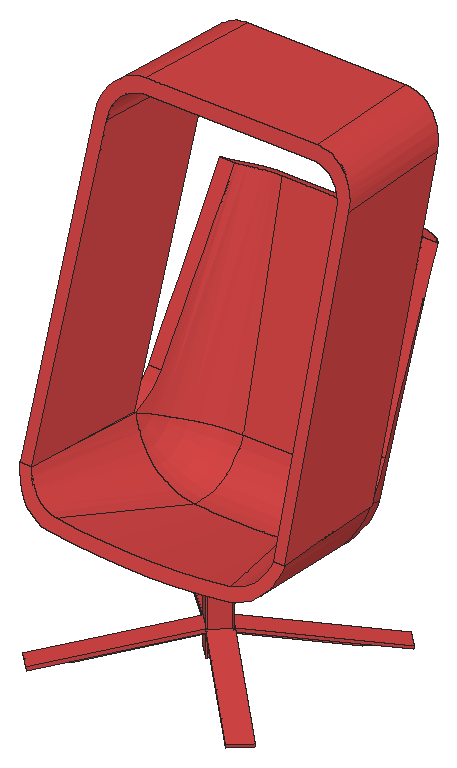
Revit family "Haworth_Windowseat_Chair", category Furniture, Revit 2018
Family settings
  OmniClass Number = 23.40.20.00
  OmniClass Title = General Furniture and Specialties
  Work Plane-Based = No
  Always vertical = Yes
  Cut with Voids When Loaded = No
  Shared = No
  Room Calculation Point = No
Parameters (values of type "HCCL-WIND - With Canopy")
  Warranty = "http://www.haworth.com/resources/product-info/warranties"
  Upholstery Finish [instance] = Haworth _ Fabric _ Divina _ Poppy
  URL - Product = "http://www.haworth.com/products/Seating/Lounge-Chairs/windowseat"
  URL = "http://www.haworth.com/our-brands/haworth-collection"
  Revision = "4"  # constant formula
  Model = "HCCL-WIND"
  Manufacturer = "Haworth"  # constant formula
  Description = "Haworth Windowseat Chair"  # constant formula
  Canopy = yes
  Base Finish [instance] = Haworth _ Paint _ Accent Red
  Author = "Haworth (Hampton)"  # constant formula
  Assembly Code = "E2020200"
Types (3): name | Model | Canopy
  (no name) | "HCCL-WIND" | yes
  HCCL-WIND - With Canopy | "HCCL-WIND" | yes
  HCCL-WIND - Without Canopy | "HCCL-WIND-L" | no
Reference planes (in)
  plane 1 "Center Front/Back": y = 0
  plane 2: z = 0
  plane 3 "Center Left/Right": x = 0
  plane 4 "Leg Wide Back": through (12.88063, -11.11315, 48) normal (0.7071, 0.7071, 0)
  plane 5 "Leg Narrow Back": through (11.10278, -10.92629, 48) normal (0.7071, 0.7071, 0)
  plane 6 "Leg Wide Front": through (11.11315, -12.88063, 48) normal (0.7071, 0.7071, 0)
  plane 7 "Leg Narrow Front": through (10.92629, -11.10278, 48) normal (0.7071, 0.7071, 0)
  plane 8 "Base Bottom": z = 0.25
  plane 9 "Base Top": z = 10.14039
  plane 10 "Base Cylinder Top": z = 11.64039
  plane 11 "Sweep 1": through (480, 2.58938, 10.3411) normal (0, -0.9842, 0.1768)
  plane 12 "Sweep 2": through (480, 11.08358, 15.20868) normal (0, -0.3451, -0.9386)
  plane 13 "Back Angel": through (480, 9.81607, 15.7458) normal (0, -0.9386, 0.3451)
  plane 14 "Void Left": x = -17.13237
  plane 15 "Void Right": x = 17.13237
Forms (in)
  Extrusion 1, solid, material "Haworth _ Paint _ Accent Red" <- "Base Finish"
    sketch origin (-0.08824, -0.08824, 0) x (-0.707107, 0.707107, 0) y (0, 0, -1)
      loop
        line (-16.90114, -0.00052) -> (-16.96635, -0.37034) -> (-1.25026, -3.14151) -> (-1.25026, -2.76019) -> (-16.90114, -0.00052)
    from -1.37459 to 1.125
  Extrusion 2, solid, material "Haworth _ Paint _ Accent Red" <- "Base Finish"
    sketch origin (-0.88374, -0.88374, 0) x (-0.707107, 0.707107, 0) y (0, 0, -1)
      loop
        line (-16.54636, 0) -> (-16.54636, -0.06308) -> (-1.25026, -2.76019) -> (-1.25026, -1.99862) -> (-12.58502, 0) -> (-16.54636, 0)
    from -1.37459 to -1.125
  Extrusion 3, solid, material "Haworth _ Paint _ Accent Red" <- "Base Finish"
    sketch origin (-0.08824, 0.08824, 0) x (0.707107, 0.707107, 0) y (0, 0, -1)
      loop
        line (-16.90114, -0.00052) -> (-16.96635, -0.37034) -> (-1.25026, -3.14151) -> (-1.25026, -2.76019) -> (-16.90114, -0.00052)
    from -1.37459 to 1.125
  Extrusion 4, solid, material "Haworth _ Paint _ Accent Red" <- "Base Finish"
    sketch origin (-0.88374, 0.88374, 0) x (0.707107, 0.707107, 0) y (0, 0, -1)
      loop
        line (-16.54636, 0) -> (-16.54636, -0.06308) -> (-1.25026, -2.76019) -> (-1.25026, -1.99862) -> (-12.58502, 0) -> (-16.54636, 0)
    from -1.37459 to -1.125
  Extrusion 5, solid, material "Haworth _ Paint _ Accent Red" <- "Base Finish"
    sketch origin (0.08824, -0.08824, 0) x (-0.707107, -0.707107, 0) y (0, 0, -1)
      loop
        line (-16.90114, -0.00052) -> (-16.96635, -0.37034) -> (-1.25026, -3.14151) -> (-1.25026, -2.76019) -> (-16.90114, -0.00052)
    from -1.37459 to 1.125
  Extrusion 6, solid, material "Haworth _ Paint _ Accent Red" <- "Base Finish"
    sketch origin (0.88374, -0.88374, 0) x (-0.707107, -0.707107, 0) y (0, 0, -1)
      loop
        line (-16.54636, 0) -> (-16.54636, -0.06308) -> (-1.25026, -2.76019) -> (-1.25026, -1.99862) -> (-12.58502, 0) -> (-16.54636, 0)
    from -1.37459 to -1.125
  Extrusion 7, solid, material "Haworth _ Paint _ Accent Red" <- "Base Finish"
    sketch origin (0.08824, 0.08824, 0) x (0.707107, -0.707107, 0) y (0, 0, -1)
      loop
        line (-16.90114, -0.00052) -> (-16.96635, -0.37034) -> (-1.25026, -3.14151) -> (-1.25026, -2.76019) -> (-16.90114, -0.00052)
    from -1.37459 to 1.125
  Extrusion 8, solid, material "Haworth _ Paint _ Accent Red" <- "Base Finish"
    sketch origin (0.88374, 0.88374, 0) x (0.707107, -0.707107, 0) y (0, 0, -1)
      loop
        line (-16.54636, 0) -> (-16.54636, -0.06308) -> (-1.25026, -2.76019) -> (-1.25026, -1.99862) -> (-12.58502, 0) -> (-16.54636, 0)
    from -1.37459 to -1.125
  Extrusion 9, solid, material "Haworth _ Paint _ Accent Red" <- "Base Finish"
    sketch origin (0, 0, 0.25) x (-0.707107, 0.707107, 0) y (-0.707107, -0.707107, 0)
      loop
        arc (1.06276, -1.2498) -> (1.19535, -1.19488) -> (1.25026, -1.0623) r 0.1875
        line (1.25026, -1.0623) -> (1.25026, 1.06276)
        arc (1.25026, 1.06276) -> (1.19535, 1.19535) -> (1.06276, 1.25026) r 0.1875
        line (1.06276, 1.25026) -> (-1.0623, 1.25026)
        arc (-1.0623, 1.25026) -> (-1.19488, 1.19535) -> (-1.2498, 1.06276) r 0.1875
        line (-1.2498, 1.06276) -> (-1.2498, -1.0623)
        arc (-1.2498, -1.0623) -> (-1.19488, -1.19488) -> (-1.0623, -1.2498) r 0.1875
        line (-1.0623, -1.2498) -> (1.06276, -1.2498)
    from 0 to 9.89039
  Blend 10, solid, material "Haworth _ Paint _ Accent Red" <- "Base Finish"
    base sketch origin (0, 0, 10.14039) x (-0.707107, 0.707107, 0) y (-0.707107, -0.707107, 0)
      loop
        circle (0, 0) r 2
    top sketch origin (0, 0, 10.14039) x (-0.707107, 0.707107, 0) y (-0.707107, -0.707107, 0)
      loop
        circle (0, 0) r 1.875
    from 0 to 1.5
  SweptBlend 11, solid, material "Haworth _ Fabric _ Divina _ Poppy" <- "Upholstery Finish"
    path origin (0, 0, 0) x (0, 1, 0) y (0, 0, 1)
      loop
        line (-11.42358, 12.96211) -> (2.60737, 10.44126)
    profile origin (0, -11.42358, 12.96211) x (0, 0.176832, 0.984241) y (1, 0, 0)
      loop
        arc (4.95742, 14.88644) -> (2.00215, 13.18435) -> (0.60329, 10.07406) r 5.5413
        arc (0.60329, 10.07406) -> (0.04942, 0) -> (0.60329, -10.07406) r 91.89429
        arc (0.60329, -10.07406) -> (2.00215, -13.18435) -> (4.95742, -14.88644) r 5.5413
        line (4.95742, -14.88644) -> (4.95742, -13.59987)
        arc (4.95742, -13.59987) -> (2.8407, -12.24493) -> (1.84575, -9.93703) r 4.2913
        arc (1.84575, -9.93703) -> (1.29942, 0) -> (1.84575, 9.93703) r 90.64429
        arc (1.84575, 9.93703) -> (2.8407, 12.24493) -> (4.95742, 13.59987) r 4.2913
        line (4.95742, 13.59987) -> (4.95742, 14.88644)
    end profile origin (0, 2.60737, 10.44126) x (0, 0.176832, 0.984241) y (1, 0, 0)
      loop
        arc (0.0768, 5.07507) -> (-0.11722, 0) -> (0.0768, -5.07507) r 66.47196
        arc (0.0768, -5.07507) -> (2.37551, -10.64092) -> (7.51353, -13.78153) r 9.71124
        line (7.51353, -13.78153) -> (7.51353, -12.36156)
        arc (7.51353, -12.36156) -> (3.31557, -9.62194) -> (1.44778, -4.97009) r 8.33624
        arc (1.44778, -4.97009) -> (1.25778, 0) -> (1.44778, 4.97009) r 65.09696
        arc (1.44778, 4.97009) -> (3.31557, 9.62194) -> (7.51353, 12.36156) r 8.33624
        line (7.51353, 12.36156) -> (7.51353, 13.78153)
        arc (7.51353, 13.78153) -> (2.37551, 10.64092) -> (0.0768, 5.07507) r 9.71124
  Revolve 12, solid, material "Haworth _ Fabric _ Divina _ Poppy" <- "Upholstery Finish"
    sketch origin (0, 0.70859, -0.12731) x (0, -0.176832, -0.984241) y (1, 0, 0)
      loop
        line (-18.25132, 13.78153) -> (-18.25132, 12.36156)
        arc (-18.25132, 12.36156) -> (-14.05336, 9.62194) -> (-12.18557, 4.97009) r 8.33624
        arc (-12.18557, 4.97009) -> (-11.99556, 0) -> (-12.18557, -4.97009) r 65.09696
        arc (-12.18557, -4.97009) -> (-14.05336, -9.62194) -> (-18.25132, -12.36156) r 8.33624
        line (-18.25132, -12.36156) -> (-18.25132, -13.78153)
        arc (-18.25132, -13.78153) -> (-13.11329, -10.64092) -> (-10.81459, -5.07507) r 9.71124
        arc (-10.81459, -5.07507) -> (-10.62056, 0) -> (-10.81459, 5.07507) r 66.47196
        arc (-10.81459, 5.07507) -> (-13.11329, 10.64092) -> (-18.25132, 13.78153) r 9.71124
      axis (-18.25132, -13.78153) -> (-18.25132, 13.78153)
    angle from 0 to 80
  SweptBlend 13, solid, material "Haworth _ Fabric _ Divina _ Poppy" <- "Upholstery Finish"
    path origin (0, 3.54783, -1.30431) x (0, -0.345057, -0.938582) y (1, 0, 0)
      loop
        line (-18.09906, 0) -> (-41.36289, 0)
    profile origin (0, 9.79303, 15.68313) x (-1, 0, 0) y (0, -0.938582, 0.345057)
      loop
        arc (4.97009, 0.17455) -> (0, -0.01546) -> (-4.97009, 0.17455) r 65.09696
        arc (-4.97009, 0.17455) -> (-9.62194, 2.04234) -> (-12.36156, 6.24029) r 8.33624
        line (-12.36156, 6.24029) -> (-13.78153, 6.24029)
        arc (-13.78153, 6.24029) -> (-10.64092, 1.10227) -> (-5.07507, -1.19644) r 9.71124
        arc (-5.07507, -1.19644) -> (0, -1.39046) -> (5.07507, -1.19644) r 66.47196
        arc (5.07507, -1.19644) -> (10.64092, 1.10227) -> (13.78153, 6.24029) r 9.71124
        line (13.78153, 6.24029) -> (12.36156, 6.24029)
        arc (12.36156, 6.24029) -> (9.62194, 2.04234) -> (4.97009, 0.17455) r 8.33624
    end profile origin (0, 17.82037, 37.51814) x (-1, 0, 0) y (0, -0.938582, 0.345057)
      loop
        line (12.129, 2.65978) -> (10.80572, 3.01435)
        arc (10.80572, 3.01435) -> (8.87672, 1.56575) -> (6.53659, 0.97986) r 6.08941
        arc (6.53659, 0.97986) -> (0, 0.82974) -> (-6.53659, 0.97986) r 142.383
        arc (-6.53659, 0.97986) -> (-8.87672, 1.56575) -> (-10.80572, 3.01435) r 6.08941
        line (-10.80572, 3.01435) -> (-12.129, 2.65978)
        arc (-12.129, 2.65978) -> (-9.6895, 0.57554) -> (-6.59398, -0.26882) r 7.33941
        arc (-6.59398, -0.26882) -> (0, -0.42026) -> (6.59398, -0.26882) r 143.633
        arc (6.59398, -0.26882) -> (9.6895, 0.57554) -> (12.129, 2.65978) r 7.33941
  Extrusion 14, void
    sketch origin (-17.13237, 0, 0) x (0, 0, 1) y (0, -1, 0)
      loop
        arc (12.92055, 11.43241) -> (15.33949, 10.19677) -> (17.84091, 9.13801) r 37.80361
        line (17.84091, 9.13801) -> (19.33521, 9.26875) -> (19.33521, 12.01875) -> (12.83521, 12.01875) -> (12.92055, 11.43241)
    from 0 to 34.26474
  Extrusion 15, void
    sketch origin (-17.13237, 0, 0) x (0, 0, 1) y (0, -1, 0)
      loop
        arc (17.83639, -3.936) -> (19.29903, -5.54537) -> (21.11299, -6.7449) r 8.76127
        line (21.11299, -6.7449) -> (38.43592, -15.32395) -> (39.67336, -14.08651) -> (17.83639, -3.936)
    from 0 to 34.26474
  SweptBlend 16, solid, material "Haworth _ Fabric _ Divina _ Poppy" <- "Upholstery Finish", visible <- "Canopy"
    path origin (0, 0, 10.14039) x (-1, 0, 0) y (0, -1, 0)
      loop
        line (0, 9.98407) -> (0, -15.01593)
    profile origin (0, -9.98407, 10.14039) x (-1, 0, 0) y (0, 0, 1)
      loop
        line (-13.47941, 7.70053) -> (-13.47941, 38.32887)
        arc (-13.47941, 38.32887) -> (-12.5275, 40.62697) -> (-10.22941, 41.57887) r 3.25
        line (-10.22941, 41.57887) -> (10.22941, 41.57887)
        arc (10.22941, 41.57887) -> (12.5275, 40.62697) -> (13.47941, 38.32887) r 3.25
        line (13.47941, 38.32887) -> (13.47941, 7.70053) -> (14.77895, 7.70053) -> (14.77895, 38.48461)
        arc (14.77895, 38.48461) -> (13.46093, 41.6666) -> (10.27895, 42.98461) r 4.5
        line (10.27895, 42.98461) -> (-10.27895, 42.98461)
        arc (-10.27895, 42.98461) -> (-13.46093, 41.6666) -> (-14.77895, 38.48461) r 4.5
        line (-14.77895, 38.48461) -> (-14.77895, 7.70053) -> (-13.47941, 7.70053)
    end profile origin (0, 15.01593, 10.14039) x (-1, 0, 0) y (0, 0, 1)
      loop
        line (-11.86156, 7.696) -> (-11.86156, 38.33455)
        arc (-11.86156, 38.33455) -> (-10.90965, 40.63265) -> (-8.61156, 41.58455) r 3.25
        line (-8.61156, 41.58455) -> (8.61156, 41.58455)
        arc (8.61156, 41.58455) -> (10.90965, 40.63265) -> (11.86156, 38.33455) r 3.25
        line (11.86156, 38.33455) -> (11.86156, 7.696) -> (13.28153, 7.696) -> (13.28153, 38.48462)
        arc (13.28153, 38.48462) -> (11.96351, 41.6666) -> (8.78153, 42.98462) r 4.5
        line (8.78153, 42.98462) -> (-8.78153, 42.98462)
        arc (-8.78153, 42.98462) -> (-11.96351, 41.6666) -> (-13.28153, 38.48462) r 4.5
        line (-13.28153, 38.48462) -> (-13.28153, 7.696) -> (-11.86156, 7.696)
  Extrusion 17, void
    sketch origin (-17.13237, 0, 0) x (0, 0, 1) y (0, -1, 0)
      loop
        line (17.83639, -3.936) -> (17.1006, -17.00145) -> (53.8506, -17.00145) -> (53.8506, -15.25145) -> (17.83639, -3.936)
    from 0 to 34.38075
  Extrusion 18, void
    sketch origin (-17.13237, 0, 0) x (0, 0, 1) y (0, -1, 0)
      loop
        line (17.84091, 9.13801) -> (53.39387, -1.97728) -> (53.39387, 13.02272) -> (17.14387, 13.02272) -> (17.84091, 9.13801)
    from 0 to 34.26474
Cuts and joins
  Extrusion 14, Extrusion 15, Extrusion 17, Extrusion 18 cuts SweptBlend 11
  Extrusion 14, Extrusion 15, Extrusion 17, Extrusion 18 cuts Revolve 12
  joined: SweptBlend 11, Revolve 12
  Extrusion 17, Extrusion 18 cuts SweptBlend 16
  Extrusion 15 cuts SweptBlend 13
Lines and regions (in)
  Masking region 1
    outline origin (0, 0, 10.14039) x (-1, 0, 0) y (0, -1, 0)
      loop
        spline (6.59398, -18.07268) -> (7.13041, -18.031) -> (7.66214, -17.95253) -> (8.18631, -17.83769) -> (8.70011, -17.6871) -> (9.20077, -17.50158) -> (9.68559, -17.28211) -> (10.15198, -17.02989) -> (10.59741, -16.74626) -> (11.0195, -16.43275) -> (11.41598, -16.09106) -> (11.7847, -15.723) -> (12.1237, -15.33058)
        spline (12.1237, -15.33058) -> (12.19577, -14.60503) -> (12.27136, -13.87956) -> (12.35047, -13.15416) -> (12.43311, -12.42883) -> (12.51926, -11.70359) -> (12.60893, -10.97843) -> (12.70213, -10.25336) -> (12.79884, -9.52838) -> (12.89907, -8.8035) -> (13.00282, -8.07871) -> (13.11008, -7.35402) -> (13.22087, -6.62944)
        spline (13.22087, -6.62944) -> (13.24654, -6.46721) -> (13.27722, -6.29242) -> (13.31309, -6.1054) -> (13.35387, -5.90654) -> (13.39889, -5.69624) -> (13.44755, -5.4749) -> (13.49932, -5.2429) -> (13.55366, -5.00064) -> (13.60974, -4.74846) -> (13.66657, -4.48667) -> (13.72374, -4.21569) -> (13.78153, -3.936)
        line (13.78153, -3.936) -> (14.77895, 9.13801)
        spline (14.77895, 9.13801) -> (14.63912, 9.35117) -> (14.44688, 9.56645) -> (14.20248, 9.78185) -> (13.90674, 9.99396) -> (13.561, 10.19911) -> (13.16671, 10.39359) -> (12.72613, 10.57332) -> (12.24265, 10.73399) -> (11.72211, 10.8713) -> (11.16933, 10.98159) -> (10.5935, 11.06185) -> (9.99991, 11.1105)
        spline (9.99991, 11.1105) -> (8.33888, 11.19328) -> (6.67479, 11.26106) -> (5.00824, 11.3138) -> (3.33985, 11.35149) -> (1.67023, 11.3741) -> (0, 11.38164) -> (-1.67023, 11.3741) -> (-3.33985, 11.35149) -> (-5.00824, 11.3138) -> (-6.67479, 11.26106) -> (-8.33888, 11.19328) -> (-9.99991, 11.1105)
        spline (-9.99991, 11.1105) -> (-10.59274, 11.06196) -> (-11.16838, 10.98176) -> (-11.72113, 10.87157) -> (-12.24188, 10.73436) -> (-12.72502, 10.5738) -> (-13.1656, 10.39413) -> (-13.56013, 10.19961) -> (-13.9062, 9.99432) -> (-14.20214, 9.78206) -> (-14.44673, 9.56654) -> (-14.6391, 9.35126) -> (-14.77895, 9.13801)
        line (-14.77895, 9.13801) -> (-13.78153, -3.936)
        spline (-13.78153, -3.936) -> (-13.72374, -4.21569) -> (-13.66657, -4.48667) -> (-13.60974, -4.74846) -> (-13.55366, -5.00064) -> (-13.49932, -5.2429) -> (-13.44755, -5.4749) -> (-13.39889, -5.69624) -> (-13.35387, -5.90654) -> (-13.31309, -6.1054) -> (-13.27722, -6.29242) -> (-13.24654, -6.46721) -> (-13.22087, -6.62944)
        spline (-13.22087, -6.62944) -> (-13.11008, -7.35402) -> (-13.00282, -8.07871) -> (-12.89907, -8.8035) -> (-12.79884, -9.52838) -> (-12.70213, -10.25336) -> (-12.60893, -10.97843) -> (-12.51926, -11.70359) -> (-12.43311, -12.42883) -> (-12.35047, -13.15416) -> (-12.27136, -13.87956) -> (-12.19577, -14.60503) -> (-12.1237, -15.33058)
        spline (-12.1237, -15.33058) -> (-11.7847, -15.723) -> (-11.41598, -16.09106) -> (-11.0195, -16.43275) -> (-10.59741, -16.74626) -> (-10.15198, -17.02989) -> (-9.68559, -17.28211) -> (-9.20077, -17.50158) -> (-8.70011, -17.6871) -> (-8.18631, -17.83769) -> (-7.66214, -17.95253) -> (-7.13041, -18.031) -> (-6.59398, -18.07268)
        spline (-6.59398, -18.07268) -> (-5.49557, -18.11611) -> (-4.39684, -18.15164) -> (-3.29786, -18.17928) -> (-2.19868, -18.19903) -> (-1.09937, -18.21087) -> (0, -18.21482) -> (1.09937, -18.21087) -> (2.19868, -18.19903) -> (3.29786, -18.17928) -> (4.39684, -18.15164) -> (5.49557, -18.11611) -> (6.59398, -18.07268)
  Masking region 2, visible <- "Canopy"
    outline origin (0, 0, 10.14039) x (-1, 0, 0) y (0, -1, 0)
      loop
        arc (14.02391, -0.75896) -> (12.57448, -1.52786) -> (10.96991, -1.87053) r 5.93498
        line (10.96991, -1.87053) -> (-10.96991, -1.87053)
        arc (-10.96991, -1.87053) -> (-12.57448, -1.52786) -> (-14.02391, -0.75896) r 5.93498
        line (-14.02391, -0.75896) -> (-13.26159, -13.48615)
        arc (-13.26159, -13.48615) -> (-11.15001, -14.6272) -> (-8.78153, -15.01593) r 7.24657
        line (-8.78153, -15.01593) -> (8.78153, -15.01593)
        arc (8.78153, -15.01593) -> (11.15001, -14.6272) -> (13.26159, -13.48615) r 7.24657
        line (13.26159, -13.48615) -> (14.02391, -0.75896)
Dimensions and locks (in)
  aligned and locked: plane 9 "Base Top" to Extrusion 9
  aligned and locked: Blend 10 to plane 9 "Base Top"
  aligned and locked: plane 10 "Base Cylinder Top" to Blend 10
  aligned and locked: Extrusion 14 to plane 15 "Void Right"
  aligned and locked: Extrusion 14 to plane 14 "Void Left"
  aligned and locked: Extrusion 15 to plane 14 "Void Left"
  aligned and locked: Extrusion 15 to plane 15 "Void Right"
  aligned and locked: Extrusion 18 to plane 14 "Void Left"
  aligned and locked: Extrusion 18 to plane 15 "Void Right"
